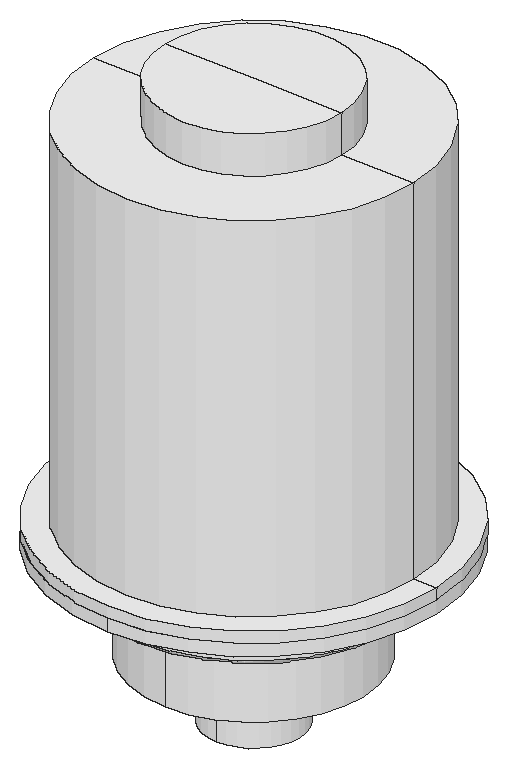
Revit family "R1100-28-G8H", category Plumbing Fixtures, host Face, Revit 2018
Family settings
  Host = Face
  Round Connector Dimension = Use Radius
  Part Type = Normal
  Cut with Voids When Loaded = No
  Shared = No
  Room Calculation Point = No
Parameters (values of type "R1102-28-G8H_2" Drain Pipe Size")
  WFU = 0
  URL = "WWW.MIFAB.COM"
  Stainless Height = 0' - 8"
  Pipe Radius = Pipe Diameter / 2  # 0' - 1"
  Pipe Diameter = 0' - 2"
  Model = "R1102-28-G8H"
  Manufacturer = "MIFAB"
  Floor Drain Material = Paint - Sherwin Williams Paint - #952C2A - Bellwood Red
  Description = "GREEN ROOF DRAIN WITH PERFORATED S.S. BALLAST GUARD AND REMOVABLE COVER WITH LIFT HANDLE"
  Default Elevation = 0' - 0"
  CWFU = 0
  Body Height = 0' - 3 3/4"
  Assembly Code = ""
Types (4): name | Pipe Radius | Pipe Diameter | Model
  (no name) | 0' - 1" | 0' - 2" | "R1102-28-G8H"
  R1102-28-G8H_2" Drain Pipe Size | 0' - 1" | 0' - 2" | "R1102-28-G8H"
  R1103-28-G8H_3" Drain Pipe Size | 0' - 1 1/2" | 0' - 3" | "R1103-28-G8H"
  R1104-28-G8H_4" Drain Pipe Size | 0' - 2" | 0' - 4" | "R1104-28-G8H"
Reference planes (in)
  plane 1 "Center (Front/Back)": y = 0
  plane 2: z = 0
  plane 3 "Center (Left/Right)": x = 0
  plane 4: y = -1
  plane 5: y = 1
  plane 6: z = -9
  plane 7: z = -4
  plane 8: y = 4
  plane 9: y = -4
  plane 10: x = -4
  plane 11: x = 4
  plane 12: x = -3.5
  plane 13: x = 3.5
  plane 14: y = 3.5
  plane 15: y = -3.5
  plane 16: z = -0.23461
  plane 17: z = -3.98461
  plane 18: z = 7.76539
  plane 19: z = -2.68362
  plane 20: z = -2.55691
  plane 21: z = -2.69753
Forms (in)
  Revolve 1, solid, material "Paint - Sherwin Williams Paint - #952C2A - Bellwood Red" <- "Floor Drain Material"
    sketch origin (0, 0.04396, -2.93686) x (0, 1, 0) y (0, 0, 1)
      loop
        line (-4.04396, 2.43454) -> (-3.20186, 2.43454) -> (-3.20186, 1.8839)
        arc (-3.20186, 1.8839) -> (-3.18086, 1.8332) -> (-3.13016, 1.8122) r 0.0717
        line (-3.13016, 1.8122) -> (-2.45186, 1.8122) -> (-2.45186, 0.25324) -> (-1.04396, 0.13628) -> (-1.04396, -1.04776) -> (-0.79396, -1.04776) -> (-0.79396, 0.23933) -> (-1.28435, 0.37994) -> (-1.28435, 2.70224) -> (-4.04396, 2.70224) -> (-4.04396, 2.43454)
      axis (-0.04396, 2.70224) -> (-0.04396, -1.04776)
    angle from 0 to 360
  Revolve 2, solid, material "Paint - Sherwin Williams Paint - #952C2A - Bellwood Red" <- "Floor Drain Material"
    sketch origin (0, 0, 6) x (1, 0, 0) y (0, 0, 1)
      loop
        line (3.5, 1.76539) -> (1.93112, 1.76539) -> (1.93112, 2.59336) -> (0, 2.59336) -> (0, 2.50009) -> (1.83698, 2.50009) -> (1.83698, 1.59351) -> (3.32794, 1.59351) -> (3.32794, -6) -> (0, -6) -> (0, -6.23461) -> (4, -6.23461) -> (4, -6) -> (3.5, -6) -> (3.5, 1.76539)
      axis (0, -6.23461) -> (0, 2.59336)
    angle from 0 to 360
Lines and regions (in)
  model lines, not visible
    curve 1: line (8.52448, 10.85077, -0.53421) -> (8.52448, 13.60077, -0.53421)
    curve 2: line (8.52448, 13.60077, -0.53421) -> (21.27448, 13.60077, -0.53421)
    curve 3: line (21.27448, 13.60077, -0.53421) -> (21.27448, 10.85077, -0.53421)
    curve 4: line (14.89948, 13.60077, -0.53421) -> (14.89948, 12.35077, -0.53421)
    curve 5: line (21.02448, 11.77029, -0.53421) -> (21.02448, 14.13446, -0.53421)
    curve 6: line (8.77448, 11.77029, -0.53421) -> (8.77448, 14.13446, -0.53421)
Dimensions and locks (in)
  equal spacing: plane 5, plane 1 "Center (Front/Back)", plane 4
  "Pipe Diameter": plane 5 to plane 4
  "Pipe Radius": plane 1 "Center (Front/Back)" to plane 4
  plane 7 to plane 6 = 0' - 5"
  equal spacing: plane 9, plane 1 "Center (Front/Back)", plane 8
  locked: plane 9 to plane 8 at 8
  equal spacing: plane 10, plane 3 "Center (Left/Right)", plane 11
  locked: plane 10 to plane 11 at 8
  equal spacing: plane 12, plane 3 "Center (Left/Right)", plane 13
  plane 12 to plane 13 = 0' - 7"
  equal spacing: plane 15, plane 1 "Center (Front/Back)", plane 14
  plane 15 to plane 14 = 0' - 7"
  locked: plane 2 to plane 16 at 0.23461
  plane 16 to plane 17 = 0' - 3 3/4"
  Revolve 1 sketch curve to Revolve 1 sketch curve to plane 9 = 0' - 0 3/4" locked, 0' - 0.8421" locked
  "Stainless Height": plane 18 to plane 16
  locked: plane 16 to Revolve 1 sketch curve at 0.89004
  plane 17 to plane 21 to plane 19 to plane 20 = 0' - 1.28709" locked, 0' - 0.01391" locked, 0' - 0.1267" locked
  "Body Height": plane 16 to plane 17
  aligned and locked: plane 2 to host face
  aligned and locked: level to host face
  aligned and locked: Revolve 2 sketch curve to Revolve 2 sketch curve
  aligned and locked: plane 16 to Revolve 1 sketch curve
  aligned and locked: plane 17 to Revolve 1 sketch curve
  aligned and locked: Revolve 1 sketch curve to plane 9
  aligned and locked: Revolve 2 sketch curve to plane 11
  aligned and locked: plane 13 to Revolve 2 sketch curve
  aligned and locked: Revolve 2 sketch curve to plane 3 "Center (Left/Right)"
  aligned and locked: plane 20 to Revolve 1 sketch curve
  aligned and locked: plane 19 to Revolve 1 sketch curve
  aligned and locked: Revolve 1 sketch curve to plane 21
Automatic sketch dimensions
  curve 1 to curve 2 = 1' - 0 3/4"
  curve 1 to curve 6 = 0' - 0 1/4"
  curve 6 to curve 4 = 0' - 6 1/8"
  curve 5 to curve 3 = 0' - 0 1/4"
  curve 4 to curve 4 = 0' - 1 1/4"
  curve 6 to curve 1 = 0' - 1.83047"
  curve 5 to curve 2 = 0' - 1.83047"
  curve 3 to curve 5 = 0' - 0.91953"
  curve 1 to curve 6 = 0' - 0.91953"
  curve 1 to curve 6 = 0' - 0.53369"
  curve 2 to curve 5 = 0' - 0.53369"
  host sketch curve to host sketch curve = 8' - 0"  (x2)
  Revolve 1 sketch curve to plane 4 = 0' - 0"
  Revolve 1 sketch curve to plane 1 "Center (Front/Back)" = 0' - 0"
  Revolve 1 sketch curve to Revolve 1 sketch curve = 0' - 0.0717"
  plane 4 to Revolve 1 sketch curve = 0' - 0.24039"
  Revolve 1 sketch curve to Revolve 1 sketch curve = 0' - 0 1/4"
  Revolve 1 sketch curve to Revolve 1 sketch curve = 0' - 0.10305"
  Revolve 1 sketch curve to plane 16 = 0' - 0.2677"
  plane 7 to Revolve 1 sketch curve = 0' - 0.18814"
  plane 6 to Revolve 1 sketch curve = 0' - 0 3/8"
  Revolve 2 sketch curve to plane 3 "Center (Left/Right)" = 0' - 0"  (x2)
  Revolve 2 sketch curve to level = 0' - 0"
  Revolve 2 sketch curve to plane 16 = 0' - 0"
  Revolve 2 sketch curve to plane 18 = 0' - 0 11/64"
  plane 13 to Revolve 2 sketch curve = 0' - 1.66302"
  Revolve 2 sketch curve to Revolve 2 sketch curve = 0' - 0.09414"
  plane 13 to Revolve 2 sketch curve = 0' - 0.17206"
  plane 18 to Revolve 2 sketch curve = 0' - 0.82798"
  Revolve 2 sketch curve to plane 18 = 0' - 0.09212"
  plane 18 to Revolve 2 sketch curve = 0' - 0.15788"
  Revolve 2 sketch curve to Revolve 2 sketch curve = 0' - 0.09328"
  Revolve 2 sketch curve to plane 18 = 0' - 0"
Connectors (in)
  piping at (0, 0, -3.98461), diameter 2, driven by "Pipe Radius"
    settings: on Revolve 1, index 1, connector inside diameter 24", connector length 0' - 0", flow factor 0, pipe flow 0 GPM, pressure drop 0.00 psi, fitting loss kfactor 0, connector angle 0.00°, fixture units 0, engagement length 0' - 0", angle of deflection 0.00°, flow configuration 0, flow direction 2, fitting loss method 0, system type 16, joint type 0, gender type 0, connector reference index -1, connector utility 0, adjustable connector no, is connector primary yes, connector description ""
